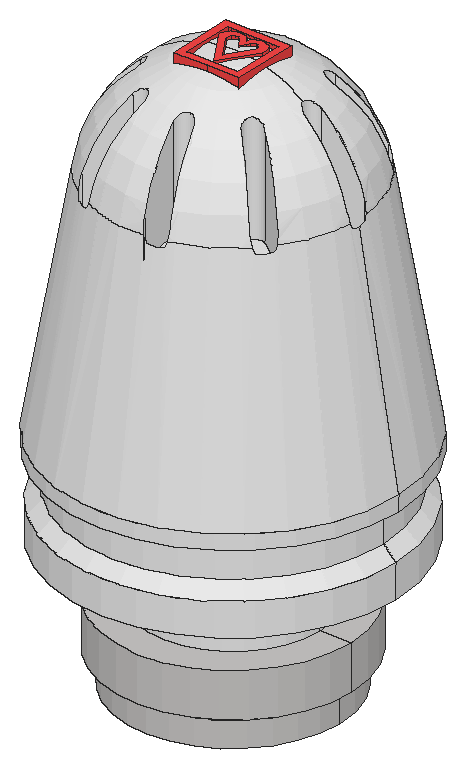
Revit family "Термостатическая головка HERZ-Design-MINI GS, с присоединительной резьбой М 28х1.5, 9200 06", category Rohrzubehör, Revit 2019
Family settings
  Bemaßung runder Anschluss = Durchmesser verwenden
  Teiletyp = Normal
  OmniClass-Nummer = 23.65.55.14
  OmniClass-Titel = Valves for Liquid Services
  Arbeitsebenenbasiert = Nein
  Immer vertikal = Nein
  Beim Laden mit Abzugskörper schneiden = Nein
  Gemeinsam genutzt = Nein
Parameters
  Принцип действия = "HERZ-термостатическая головка является датчиком прямого регулирования.\r\nИзменение объема жидкости в HERZ-гидросенсоре приводит в движение шток клапана."
  Область применения = "Для монтажа на всех HERZ-клапанах, предназначенных для термостатической работы."
  Номер заказа = 1920006  # constant formula
  Морозозащита = 6 °C  # constant formula
  Маховик = "Пластик, белый"  # constant formula
  Диапазон регулирования с морозозащитой = "6-28°C"  # constant formula
  Диапазон регулирования = "6-28°C"  # constant formula
  URL = "www.herz-armaturen.ru"
  S02 = 60 mm  # constant formula
  S01 = 73 mm  # constant formula
  Позиция теплового запирания "0" = "Термостатическая головка с жидкостным датчиком (гидросенсором) с позициями теплового запираниия \"0\" и морозозащиты, с ограничением и блокировкой диапазона регулирования."
  Hersteller = "HERZ Armaturen Ges.m.b.H."  # constant formula
  Позиция морозозащиты * = "Термостатическая головка с жидкостным датчиком (гидросенсором) с позицией морозозащиты и ограничением, блокировкой диапазона регулирования."
Reference planes
  plane 1 "Mitte (Vorne/hinten)": y = 0
  plane 2: z = 0
  plane 3 "Mitte (Links/rechts)": x = 0
Forms (mm)
  Revolve 1, solid, material "Kunststoff weiß", detail levels fine
    sketch origin (0, 0, 0) x (1, 0, 0) y (0, 0, 1)
      loop
        line (0, 0) -> (0, 73)
        arc (0, 73) -> (-11.397, 68.78) -> (-17.297, 58.156) r 17.5
        arc (-17.297, 58.156) -> (-20.011, 42.065) -> (-22.88, 26) r 1681.293
        line (-22.88, 26) -> (-22.88, 24) -> (-20.75, 24) -> (-20.75, 19.25) -> (-22.5, 17.5) -> (-22.5, 13) -> (-12.8, 13)
        arc (-12.8, 13) -> (-12.234, 12.766) -> (-12, 12.2) r 0.8
        line (-12, 12.2) -> (-12, 4.8) -> (-13.2, 4.8) -> (-13.2, 0) -> (0, 0)
      axis (0, 73) -> (0, 0)
    angle from 0 to 360
  Revolve 2, solid, material "Messing verzinkt", detail levels fine
    sketch origin (0, 0, 0) x (1, 0, 0) y (0, 0, 1)
      loop
        line (0, 0) -> (0, 5.5) -> (-16.35, 5.5) -> (-16.35, -0.576) -> (-14.75, -1.5) -> (-14.75, -5) -> (-13.35, -5) -> (-13.35, 0) -> (0, 0)
      axis (0, 5.5) -> (0, -5)
    angle from 0 to 360
  Extrusion 3, void
    sketch origin (0, 0, 0) x (1, 0, 0) y (0, 1, 0)
      loop
        arc (11.027, 1.298) -> (9.8, 0) -> (11.027, -1.298) r 1.3
        line (11.027, -1.298) -> (16.77, -1.62)
        arc (16.77, -1.62) -> (17.178, -1.485) -> (17.384, -1.107) r 0.586
        arc (17.384, -1.107) -> (17.453, 0.011) -> (17.382, 1.129) r 9
        arc (17.382, 1.129) -> (17.183, 1.492) -> (16.79, 1.621) r 0.564
        line (16.79, 1.621) -> (11.027, 1.298)
      loop
        line (9.282, 6.094) -> (13.904, 9.55)
        arc (13.904, 9.55) -> (14.121, 9.902) -> (14.04, 10.308) r 0.564
        arc (14.04, 10.308) -> (13.376, 11.21) -> (12.605, 12.023) r 9
        arc (12.605, 12.023) -> (12.205, 12.18) -> (11.805, 12.021) r 0.586
        line (11.805, 12.021) -> (7.613, 8.082)
        arc (7.613, 8.082) -> (7.507, 6.299) -> (9.282, 6.094) r 1.3
      loop
        arc (0.637, 11.085) -> (1.702, 9.651) -> (3.193, 10.634) r 1.3
        line (3.193, 10.634) -> (4.508, 16.234)
        arc (4.508, 16.234) -> (4.445, 16.659) -> (4.109, 16.928) r 0.586
        arc (4.109, 16.928) -> (3.02, 17.189) -> (1.907, 17.313) r 9
        arc (1.907, 17.313) -> (1.515, 17.181) -> (1.319, 16.816) r 0.564
        line (1.319, 16.816) -> (0.637, 11.085)
      loop
        line (-4.39, 10.199) -> (-6.991, 15.351)
        arc (-6.991, 15.351) -> (-7.3, 15.626) -> (-7.713, 15.617) r 0.564
        arc (-7.713, 15.617) -> (-8.717, 15.12) -> (-9.651, 14.501) r 9
        arc (-9.651, 14.501) -> (-9.875, 14.134) -> (-9.788, 13.713) r 0.586
        line (-9.788, 13.713) -> (-6.638, 8.901)
        arc (-6.638, 8.901) -> (-4.9, 8.487) -> (-4.39, 10.199) r 1.3
      loop
        arc (-10.806, 2.552) -> (-9.209, 3.352) -> (-9.918, 4.991) r 1.3
        line (-9.918, 4.991) -> (-15.204, 7.258)
        arc (-15.204, 7.258) -> (-15.634, 7.271) -> (-15.957, 6.986) r 0.586
        arc (-15.957, 6.986) -> (-16.404, 5.959) -> (-16.719, 4.884) r 9
        arc (-16.719, 4.884) -> (-16.657, 4.475) -> (-16.332, 4.219) r 0.564
        line (-16.332, 4.219) -> (-10.806, 2.552)
      loop
        line (-10.806, -2.552) -> (-16.332, -4.219)
        arc (-16.332, -4.219) -> (-16.657, -4.475) -> (-16.719, -4.884) r 0.564
        arc (-16.719, -4.884) -> (-16.404, -5.959) -> (-15.957, -6.986) r 9
        arc (-15.957, -6.986) -> (-15.634, -7.271) -> (-15.204, -7.258) r 0.586
        line (-15.204, -7.258) -> (-9.918, -4.991)
        arc (-9.918, -4.991) -> (-9.209, -3.352) -> (-10.806, -2.552) r 1.3
      loop
        arc (9.282, -6.094) -> (7.507, -6.299) -> (7.613, -8.082) r 1.3
        line (7.613, -8.082) -> (11.805, -12.021)
        arc (11.805, -12.021) -> (12.205, -12.18) -> (12.605, -12.023) r 0.586
        arc (12.605, -12.023) -> (13.376, -11.21) -> (14.04, -10.308) r 9
        arc (14.04, -10.308) -> (14.121, -9.902) -> (13.904, -9.55) r 0.564
        line (13.904, -9.55) -> (9.282, -6.094)
      loop
        line (0.637, -11.085) -> (1.319, -16.816)
        arc (1.319, -16.816) -> (1.515, -17.181) -> (1.907, -17.313) r 0.564
        arc (1.907, -17.313) -> (3.02, -17.189) -> (4.109, -16.928) r 9
        arc (4.109, -16.928) -> (4.445, -16.659) -> (4.508, -16.234) r 0.586
        line (4.508, -16.234) -> (3.193, -10.634)
        arc (3.193, -10.634) -> (1.702, -9.651) -> (0.637, -11.085) r 1.3
      loop
        arc (-4.39, -10.199) -> (-4.9, -8.487) -> (-6.638, -8.901) r 1.3
        line (-6.638, -8.901) -> (-9.788, -13.713)
        arc (-9.788, -13.713) -> (-9.875, -14.134) -> (-9.651, -14.501) r 0.586
        arc (-9.651, -14.501) -> (-8.717, -15.12) -> (-7.713, -15.617) r 9
        arc (-7.713, -15.617) -> (-7.3, -15.626) -> (-6.991, -15.351) r 0.564
        line (-6.991, -15.351) -> (-4.39, -10.199)
    from 55 to 73
Cuts and joins
  Extrusion 3 cuts Revolve 1
Lines and regions (mm)
  model lines, detail levels coarse+medium
    curve 1: line (0, 0, 0) -> (0, 0, 13)
    curve 2: line (0, -0.017, 0) -> (0, 13, 0)
    curve 3: circle (0, 0, 43) r 30 normal (0, -1, 0)
    curve 4: circle (0, 0, 43) r 30 normal (1, 0, 0)
    curve 5: line (0, 0, 23) -> (0, 0, 63)
    curve 6: line (0, 17.5, 63) -> (0, -17.5, 63)
    curve 7: line (-17.5, 0, 63) -> (17.5, 0, 63)
    curve 8: circle (0, 43, 0) r 30 normal (0, 0, 1)
    curve 9: line (0, 23, 0) -> (0, 63, 0)
    curve 10: line (-17.5, 63, 0) -> (17.5, 63, 0)
Dimensions and locks
  "S01": curve 4 to plane 2
  "S01": curve 3 to plane 2
  "S01": plane 1 "Mitte (Vorne/hinten)" to curve 8
  "S02": diameter of curve 3
  "S02": diameter of curve 4
  "S02": diameter of curve 8
  aligned and locked: level to plane 2
Automatic sketch dimensions
  Revolve 1 sketch curve to level = 0 mm
  Revolve 1 sketch curve to plane 3 "Mitte (Links/rechts)" = 0 mm  (x2)
  Revolve 1 sketch curve to plane 3 "Mitte (Links/rechts)" = 12 mm
  Revolve 1 sketch curve to Revolve 1 sketch curve = 0.8 mm
  Revolve 1 sketch curve to Revolve 1 sketch curve = 1.2 mm
  Revolve 1 sketch curve to Revolve 1 sketch curve = 7.95 mm
  Revolve 1 sketch curve to Revolve 1 sketch curve = 1.75 mm  (x2)
  Revolve 1 sketch curve to Revolve 1 sketch curve = 2.13 mm
  level to Revolve 1 sketch curve = 329.658 mm
  Revolve 1 sketch curve to plane 3 "Mitte (Links/rechts)" = 1676.524 mm
  level to Revolve 1 sketch curve = 4.8 mm
  Revolve 1 sketch curve to Revolve 1 sketch curve = 7.4 mm
  Revolve 1 sketch curve to Revolve 1 sketch curve = 4.5 mm
  Revolve 1 sketch curve to Revolve 1 sketch curve = 4.75 mm
  Revolve 1 sketch curve to Revolve 1 sketch curve = 2 mm
  Revolve 1 sketch curve to Revolve 1 sketch curve = 29.5 mm
  Revolve 1 sketch curve to Revolve 1 sketch curve = 17.5 mm
  Revolve 1 sketch curve to level = 366.045 mm
  Revolve 1 sketch curve to Revolve 1 sketch curve = 2141.315 mm
  Revolve 2 sketch curve to level = 0 mm
  Revolve 2 sketch curve to plane 3 "Mitte (Links/rechts)" = 0 mm  (x2)
  Revolve 2 sketch curve to level = 5 mm
  Revolve 2 sketch curve to plane 3 "Mitte (Links/rechts)" = 13.35 mm
  Revolve 2 sketch curve to Revolve 2 sketch curve = 1.4 mm
  Revolve 2 sketch curve to level = 0.576 mm
  Revolve 2 sketch curve to Revolve 2 sketch curve = 1.6 mm
  Revolve 2 sketch curve to level = 1.5 mm
  level to Revolve 2 sketch curve = 5.5 mm
  Revolve 2 sketch curve to Revolve 2 sketch curve = 361.045 mm
  Revolve 2 sketch curve to Revolve 2 sketch curve = 2208.815 mm
  plane 1 "Mitte (Vorne/hinten)" to Extrusion 3 sketch curve = 0 mm  (x2)
  Extrusion 3 sketch curve to plane 1 "Mitte (Vorne/hinten)" = 4.219 mm
  Extrusion 3 sketch curve to plane 3 "Mitte (Links/rechts)" = 16.332 mm
  plane 1 "Mitte (Vorne/hinten)" to Extrusion 3 sketch curve = 4.219 mm
  Extrusion 3 sketch curve to Extrusion 3 sketch curve = 0 mm  (x11)
  Extrusion 3 sketch curve to Extrusion 3 sketch curve = 0.163 mm  (x2)
  Extrusion 3 sketch curve to Extrusion 3 sketch curve = 0.734 mm  (x2)
  plane 1 "Mitte (Vorne/hinten)" to Extrusion 3 sketch curve = 7.258 mm
  Extrusion 3 sketch curve to Extrusion 3 sketch curve = 0.231 mm  (x2)
  Extrusion 3 sketch curve to plane 1 "Mitte (Vorne/hinten)" = 7.258 mm
  plane 1 "Mitte (Vorne/hinten)" to Extrusion 3 sketch curve = 2.552 mm
  Extrusion 3 sketch curve to Extrusion 3 sketch curve = 5.526 mm
  Extrusion 3 sketch curve to plane 1 "Mitte (Vorne/hinten)" = 2.552 mm
  Extrusion 3 sketch curve to Extrusion 3 sketch curve = 0.375 mm  (x2)
  Extrusion 3 sketch curve to Extrusion 3 sketch curve = 0.512 mm  (x2)
  Extrusion 3 sketch curve to Extrusion 3 sketch curve = 5.416 mm  (x2)
  Extrusion 3 sketch curve to Extrusion 3 sketch curve = 0.49 mm  (x2)
  Extrusion 3 sketch curve to Extrusion 3 sketch curve = 2.488 mm  (x2)
  Extrusion 3 sketch curve to Extrusion 3 sketch curve = 1.803 mm  (x2)
  Extrusion 3 sketch curve to Extrusion 3 sketch curve = 0.504 mm  (x2)
  Extrusion 3 sketch curve to Extrusion 3 sketch curve = 3.281 mm  (x2)
  Extrusion 3 sketch curve to Extrusion 3 sketch curve = 1.088 mm  (x2)
  Extrusion 3 sketch curve to Extrusion 3 sketch curve = 1.16 mm  (x2)
  Extrusion 3 sketch curve to Extrusion 3 sketch curve = 1.324 mm  (x2)
  plane 3 "Mitte (Links/rechts)" to Extrusion 3 sketch curve = 0.637 mm  (x2)
  plane 3 "Mitte (Links/rechts)" to Extrusion 3 sketch curve = 1.319 mm  (x2)
  plane 3 "Mitte (Links/rechts)" to Extrusion 3 sketch curve = 1.468 mm  (x2)
  Extrusion 3 sketch curve to Extrusion 3 sketch curve = 0.561 mm  (x2)
  Extrusion 3 sketch curve to Extrusion 3 sketch curve = 1.291 mm  (x2)
  Extrusion 3 sketch curve to Extrusion 3 sketch curve = 1.266 mm  (x2)
  Extrusion 3 sketch curve to Extrusion 3 sketch curve = 2.058 mm  (x2)
  Extrusion 3 sketch curve to Extrusion 3 sketch curve = 0.57 mm  (x2)
  Extrusion 3 sketch curve to Extrusion 3 sketch curve = 5.007 mm  (x2)
  Extrusion 3 sketch curve to Extrusion 3 sketch curve = 1.138 mm  (x2)
  Extrusion 3 sketch curve to Extrusion 3 sketch curve = 1.978 mm
  Extrusion 3 sketch curve to Extrusion 3 sketch curve = 0.89 mm  (x2)
  Extrusion 3 sketch curve to Extrusion 3 sketch curve = 0.779 mm  (x2)
  plane 1 "Mitte (Vorne/hinten)" to Extrusion 3 sketch curve = 1.298 mm
  Extrusion 3 sketch curve to Extrusion 3 sketch curve = 2.575 mm
  Extrusion 3 sketch curve to Extrusion 3 sketch curve = 0.073 mm
  Extrusion 3 sketch curve to Extrusion 3 sketch curve = 4.192 mm  (x2)
  Extrusion 3 sketch curve to Extrusion 3 sketch curve = 0.401 mm  (x2)
  Extrusion 3 sketch curve to Extrusion 3 sketch curve = 1.36 mm  (x2)
  Extrusion 3 sketch curve to Extrusion 3 sketch curve = 0.338 mm  (x2)
  plane 1 "Mitte (Vorne/hinten)" to Extrusion 3 sketch curve = 1.62 mm
  Extrusion 3 sketch curve to Extrusion 3 sketch curve = 5.743 mm
  Extrusion 3 sketch curve to plane 1 "Mitte (Vorne/hinten)" = 1.621 mm
  Extrusion 3 sketch curve to Extrusion 3 sketch curve = 0.02 mm
  Extrusion 3 sketch curve to Extrusion 3 sketch curve = 0.033 mm
  Extrusion 3 sketch curve to Extrusion 3 sketch curve = 0.032 mm
  plane 1 "Mitte (Vorne/hinten)" to Extrusion 3 sketch curve = 7.32 mm
  Extrusion 3 sketch curve to Extrusion 3 sketch curve = 6.784 mm
  Extrusion 3 sketch curve to Extrusion 3 sketch curve = 1.004 mm
  Extrusion 3 sketch curve to Extrusion 3 sketch curve = 1.581 mm  (x2)
  Extrusion 3 sketch curve to Extrusion 3 sketch curve = 1.468 mm
  Extrusion 3 sketch curve to Extrusion 3 sketch curve = 0.712 mm  (x2)
  Extrusion 3 sketch curve to Extrusion 3 sketch curve = 0.452 mm  (x2)
  Extrusion 3 sketch curve to Extrusion 3 sketch curve = 2.31 mm  (x2)
  Extrusion 3 sketch curve to Extrusion 3 sketch curve = 0.297 mm  (x2)
  Extrusion 3 sketch curve to Extrusion 3 sketch curve = 1.591 mm  (x2)
  Extrusion 3 sketch curve to Extrusion 3 sketch curve = 0.427 mm  (x2)
  Extrusion 3 sketch curve to Extrusion 3 sketch curve = 4.812 mm  (x2)
  Extrusion 3 sketch curve to Extrusion 3 sketch curve = 0.321 mm  (x2)
  Extrusion 3 sketch curve to Extrusion 3 sketch curve = 1.063 mm  (x2)
  Extrusion 3 sketch curve to Extrusion 3 sketch curve = 0.254 mm  (x2)
  Extrusion 3 sketch curve to Extrusion 3 sketch curve = 5.599 mm  (x2)
  Extrusion 3 sketch curve to Extrusion 3 sketch curve = 0.134 mm  (x2)
  Extrusion 3 sketch curve to Extrusion 3 sketch curve = 0.382 mm  (x2)
  Extrusion 3 sketch curve to Extrusion 3 sketch curve = 0.067 mm  (x2)
  Extrusion 3 sketch curve to Extrusion 3 sketch curve = 0.947 mm
  Extrusion 3 sketch curve to Extrusion 3 sketch curve = 0.539 mm  (x2)
  Extrusion 3 sketch curve to Extrusion 3 sketch curve = 1.702 mm
  Extrusion 3 sketch curve to Extrusion 3 sketch curve = 2.439 mm
  Extrusion 3 sketch curve to Extrusion 3 sketch curve = 0.54 mm  (x2)
  Extrusion 3 sketch curve to Extrusion 3 sketch curve = 0.905 mm
  Extrusion 3 sketch curve to Extrusion 3 sketch curve = 0.585 mm
  Extrusion 3 sketch curve to Extrusion 3 sketch curve = 0.564 mm
  Extrusion 3 sketch curve to Extrusion 3 sketch curve = 0.339 mm
  Extrusion 3 sketch curve to Extrusion 3 sketch curve = 1.245 mm
  Extrusion 3 sketch curve to plane 1 "Mitte (Vorne/hinten)" = 5.433 mm
  Extrusion 3 sketch curve to Extrusion 3 sketch curve = 0.661 mm
  Extrusion 3 sketch curve to Extrusion 3 sketch curve = 1.041 mm
  Extrusion 3 sketch curve to Extrusion 3 sketch curve = 4.429 mm
  Extrusion 3 sketch curve to Extrusion 3 sketch curve = 2.891 mm
  Extrusion 3 sketch curve to Extrusion 3 sketch curve = 3.456 mm
  Extrusion 3 sketch curve to plane 1 "Mitte (Vorne/hinten)" = 1.298 mm  (x2)
  curve 5 to plane 1 "Mitte (Vorne/hinten)" = 0 mm
  curve 4 to plane 1 "Mitte (Vorne/hinten)" = 0 mm
  plane 1 "Mitte (Vorne/hinten)" to curve 6 = 17.5 mm
  curve 5 to curve 6 = 17.5 mm
  curve 5 to curve 4 = 20 mm
  curve 4 to curve 6 = 20 mm
  curve 3 to plane 3 "Mitte (Links/rechts)" = 0 mm
  curve 1 to plane 3 "Mitte (Links/rechts)" = 0 mm
  curve 1 to level = 0 mm
  curve 7 to plane 3 "Mitte (Links/rechts)" = 17.5 mm
  plane 3 "Mitte (Links/rechts)" to curve 7 = 17.5 mm
  curve 3 to curve 7 = 20 mm
  curve 8 to plane 3 "Mitte (Links/rechts)" = 0 mm
  curve 9 to plane 3 "Mitte (Links/rechts)" = 0 mm
  curve 2 to plane 3 "Mitte (Links/rechts)" = 0 mm
  curve 10 to curve 9 = 17.5 mm
  plane 3 "Mitte (Links/rechts)" to curve 10 = 17.5 mm
  plane 1 "Mitte (Vorne/hinten)" to curve 2 = 0.017 mm
  curve 2 to curve 9 = 10 mm
  curve 8 to curve 10 = 20 mm
Nested families
  nested 1: "Herz-Logo" at (0, 0, 71.5), type "Herz-Logo", detail levels fine
Definition of nested family "Herz-Logo"
  Reference planes
    plane 1 "Mitte (Vorne/hinten)": y = 0
    plane 2: z = 0
    plane 3 "Mitte (Links/rechts)": x = 0
  Forms (mm)
    Extrusion 1, solid
      sketch origin (0, 0, 0) x (1, 0, 0) y (0, 1, 0)
        loop
          line (-0.018, -4.517) -> (4.482, -4.517) -> (4.482, 4.483) -> (-4.518, 4.483) -> (-4.518, -4.517) -> (-0.018, -4.517)
        loop
          line (-0.05, -3.48) -> (3.482, -3.48) -> (3.482, 3.483) -> (-3.518, 3.483) -> (-3.518, -3.48) -> (-0.05, -3.48)
        loop
          arc (-0.018, 2.383) -> (-1.543, 3.287) -> (-3.067, 2.383) r 1.738
          arc (-3.067, 2.383) -> (-3.191, 1.899) -> (-3.067, 1.415) r 1.009
          line (-3.067, 1.415) -> (-0.018, -3.281) -> (3.032, 1.415)
          arc (3.032, 1.415) -> (3.156, 1.899) -> (3.032, 2.383) r 1.009
          arc (3.032, 2.383) -> (1.507, 3.287) -> (-0.018, 2.383) r 1.738
        loop
          arc (1.885, 1.272) -> (2.005, 1.675) -> (1.885, 2.079) r 0.74
          arc (1.885, 2.079) -> (1.265, 2.416) -> (0.644, 2.079) r 0.74
          line (0.644, 2.079) -> (-0.018, 0.97) -> (-0.679, 2.079)
          arc (-0.679, 2.079) -> (-1.3, 2.416) -> (-1.921, 2.079) r 0.74
          arc (-1.921, 2.079) -> (-2.04, 1.675) -> (-1.921, 1.272) r 0.74
          line (-1.921, 1.272) -> (-0.018, -1.658) -> (1.885, 1.272)
      from 0 to 1.5
  Dimensions and locks
    aligned and locked: level to plane 2
